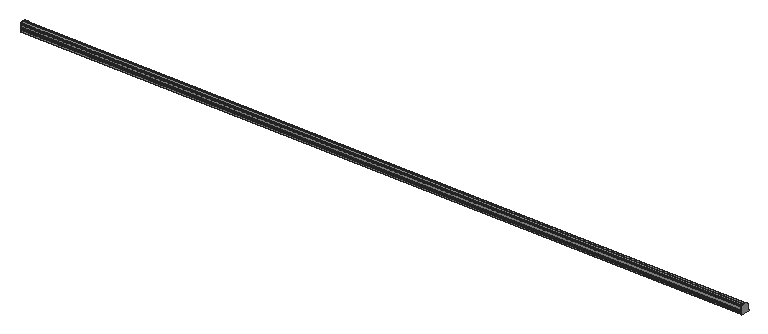
Revit family "3036880+3036946 Sylvania Lighting Fixture LUMISTRIP IP20 5M WW with L PROFILE ALU OPAL 2M", category Lighting Fixtures, host Face, Revit 2017
Family settings
  Host = Face
  Round Connector Dimension = Use Diameter
  Part Type = Normal
  OmniClass Number = 23.80.70.00
  OmniClass Title = Lighting
  Cut with Voids When Loaded = No
  Light Source = Yes
  Shared = No
  Room Calculation Point = No
Parameters (values of type "3036880+3036946 LUMISTRIP IP20 5M WW with L PROFILE ALU OPAL 2M")
  Weight = ""
  Wattage Comments = ""
  Wattage = 0 W
  WarrantyStartDate [instance] = "n/a"
  WarrantyGuarantorParts = "n/a"
  WarrantyDurationUnit = "n/a"
  WarrantyDurationParts = "n/a"
  WarrantyDescription = "n/a"
  built-in parameter 1150110 = 1 (stored number, unit not read)
  Voltage = 24 V
  URL = "http://www.sylvania-lighting.com"
  TypeName = "LUMISTRIP IP20 5M WW with L PROFILE ALU OPAL 2M"
  Type Image = <None>
  Type Comments = "n/a"
  built-in parameter 1114217 = 1 (stored number, unit not read)
  Tilt Angle = -90.00°
  built-in parameter 1150109 = 1 (stored number, unit not read)
  built-in parameter 1150134 = (empty or 0)
  built-in parameter 1150113 = 1 (stored number, unit not read)
  SerialNumber [instance] = "n/a"
  RadiusDiffuserOut_SYL = 12.999 mm
  RadiusDiffuserIn_SYL = 11.999 mm
  Photometric Web File = "3036880.ies"
  Material_3_FEILO = none
  PowerFactor = 0
  PowerConsumption = ""
  NominalLength = 5000 mm
  NominalHeight = 3 mm
  NominalDepth = 8 mm
  Name = "LUMISTRIP IP20 5M WW with L PROFILE ALU OPAL 2M"
  ModelReference = Name  # "LUMISTRIP IP20 5M WW with L PROFILE ALU OPAL 2M"
  ModelNumber = "3036880+3036946"
  Model = Name  # "LUMISTRIP IP20 5M WW with L PROFILE ALU OPAL 2M"
  Material = "n/a"
  ManufacturerName = "Feilo Sylvania"
  Manufacturer = "Feilo Sylvania"
  LuminousEfficacy = "70.62 lm/W"
  built-in parameter 1150105 = (empty or 0)
  Lumens = 0 lm
  LuminaireType = ""
  built-in parameter 1150115 = 1 (stored number, unit not read)
  LightOutputRatio = "100"
  built-in parameter 1150137 = (empty or 0)
  built-in parameter 1150139 = (empty or 0)
  Length_SYL = 2000 mm
  LampsType = Lamp  # "LED"
  LampNominalLuminous = ""
  LampMacAdamStep = "n/a"
  LampColourTemperature = "3000 K"
  LampColourRenderingIndex = "80"
  built-in parameter 1150112 = 1 (stored number, unit not read)
  built-in parameter 1150114 = 1 (stored number, unit not read)
  Lamp = "LED"
  Keynote = "16500"
  InstallationDate [instance] = "n/a"
  InputVoltage = "24V DC"
  InputNominalFrequency = "n/a"
  built-in parameter 1150132 = (empty or 0)
  built-in parameter 1150102 = (empty or 0)
  built-in parameter 1150107 = 3000 (stored number, unit not read)
  built-in parameter 1150138 = (empty or 0)
  IngressProtection = "IP20"
  ImpactProtectionIndex = "n/a"
  built-in parameter 1150106 = (empty or 0)
  IfcExportType = "IfcLightFixtureType"
  IfcExportAs = "IfcLightFixtureType"
  ExpectedLife = 50000
  EndCapRight_SYL [instance] = yes
  EndCapLeft_SYL [instance] = yes
  built-in parameter 1150127 = 10 mm
  Emit from Rectangle Length = Length_SYL - 4 mm  # 1996 mm
  Emit Shape Visible in Rendering = no
  ElectricShockClassification = "Class III"
  built-in parameter 1150104 = 6.5608 (stored number, unit not read)
  DurationUnit = "hours"
  DocumentationLiterature = "http://www.sylvania-lighting.com/product/en-int/products/3036880"
  DimmingControlOptions = "n/a"
  Material_2_FEILO = Diffuser-Sylvania-LumistipLprofile-Polycarbonate
  Dimming Lamp Color Temperature Shift = <None>
  Description = ""
  Default Elevation = 1219.2 mm
  CreatedOn = "6/22/2018"
  CreatedBy = ""
  Cost = 0
  Color Filter = 16777215
  built-in parameter 1114216 [instance] = (empty or 0)
  ClassificationValue = "EF_70_80"
  ClassificationName = "Uniclass2015"
  Material_1_FEILO = Body-Sylvania-LumistripLprofile-Aluminum
  BarCode [instance] = "n/a"
  built-in parameter 1114218 = 1 (stored number, unit not read)
  Emit from Rectangle Width = 3048 mm
  AssetType = "Fixed"
  AssetIdentifier [instance] = "n/a"
  Assembly Code = "D5020200"
  Apparent Load = 24 VA
  Material_4_FEILO = none
Reference planes
  plane 1 "Center (Front/Back)": y = 0
  plane 2: z = 0
  plane 3 "Center (Left/Right)": x = 0
  plane 4: y = 22.4
  plane 5: z = 22.4
  plane 6: z = 20.4
  plane 7: z = 17.9
  plane 8: z = 10.9
  plane 9: z = 9.4
  plane 10: z = 7.9
  plane 11: z = 6.4
  plane 12: z = 4.9
  plane 13: z = 3.4
  plane 14: y = 2
  plane 15: z = 2
  plane 16: y = 7.9
  plane 17: y = 4.8
  plane 18: y = 3.3
  plane 19: y = 6.3
  plane 20: y = 9.4
  plane 21: y = 10.9
  plane 22: y = 20.4
  plane 23: y = 17.9
  plane 24: x = 1000
  plane 25: x = -1000
  plane 26: x = -998.5
  plane 27: x = 998.5
Forms (mm)
  Extrusion 1, solid, material "Body-Sylvania-LumistripLprofile-Aluminum" <- "Material_1_FEILO"
    sketch origin (0, 0, 0) x (0, 1, 0) y (0, 0, 1)
      loop
        line (0, 22.399) -> (0, 20.4) -> (4.8, 20.4) -> (4.8, 17.9) -> (0, 17.9) -> (0, 10.9) -> (2, 10.9) -> (2, 9.4) -> (0, 9.4) -> (0, 7.9) -> (2, 7.9) -> (2, 6.4) -> (0, 6.4) -> (0, 4.9) -> (2, 4.9) -> (2, 3.4) -> (0, 3.4) -> (0, 0) -> (3.3, 0) -> (3.3, 2) -> (4.8, 2) -> (4.8, 0) -> (6.3, 0) -> (6.3, 2) -> (7.9, 2) -> (7.9, 0) -> (9.4, 0) -> (9.4, 2) -> (10.9, 2) -> (10.9, 0) -> (17.9, 0) -> (17.9, 4.9) -> (20.4, 4.9) -> (20.4, 0) -> (22.399, 0) -> (22.399, 9.4) -> (19.77, 9.4) -> (12.92, 2.55) -> (2.567, 12.903) -> (9.4, 19.736) -> (9.4, 22.399) -> (0, 22.399)
    from -998.5 to 998.5
  Extrusion 2, solid, material "Diffuser-Sylvania-LumistipLprofile-Polycarbonate" <- "Material_2_FEILO"
    sketch origin (0, 0, 0) x (0, 1, 0) y (0, 0, 1)
      loop
        line (9.4, 22.399) -> (9.4, 21.399)
        arc (9.4, 21.399) -> (17.884, 17.884) -> (21.399, 9.4) r 11.999
        line (21.399, 9.4) -> (22.399, 9.4)
        arc (22.399, 9.4) -> (18.591, 18.591) -> (9.4, 22.399) r 12.999
    from -998.5 to 998.5
  Extrusion 3, solid, material "Body-Sylvania-LumistripLprofile-Aluminum" <- "Material_1_FEILO", visible <- "EndCapLeft_SYL"
    sketch origin (200, -4572, 2609.058) x (0, 0, 1) y (0, -1, 0)
      loop
        line (-2609.058, -4572) -> (-2609.058, -4594.4) -> (-2599.658, -4594.399)
        arc (-2599.658, -4594.399) -> (-2590.467, -4590.591) -> (-2586.658, -4581.4) r 12.999
        line (-2586.658, -4581.4) -> (-2586.658, -4572) -> (-2609.058, -4572)
    from 800 to 798.5
  Extrusion 4, solid, material "Body-Sylvania-LumistripLprofile-Aluminum" <- "Material_1_FEILO", visible <- "EndCapRight_SYL"
    sketch origin (-1000, -4572, 2609.058) x (0, 0, 1) y (0, -1, 0)
      loop
        line (-2586.659, -4581.402) -> (-2586.658, -4572) -> (-2609.058, -4572) -> (-2609.058, -4594.399) -> (-2599.658, -4594.399)
        arc (-2599.658, -4594.399) -> (-2590.467, -4590.592) -> (-2586.659, -4581.402) r 12.999
    from 0 to 1.5
Lines and regions (mm)
  reference lines
    curve 1: line (0, 0, 0) -> (0, 22.4, 22.4)
    curve 2: line (0, 0, 15.469) -> (0, 15.469, 0)
    curve 3: line (0, 12.92, 2.55) -> (0, 22.4, 12.03)
    curve 4: line (0, 2.567, 12.903) -> (0, 12.064, 22.4)
    curve 5: arc (0, 9.4, 22.399) -> (0, 18.591, 18.591) -> (0, 22.399, 9.4) r 12.999
    curve 6: arc (0, 21.399, 9.4) -> (0, 17.884, 17.884) -> (0, 9.4, 21.399) r 11.999
    curve 7: line (1000, 13.907, 23.341) -> (1000, 24.285, 12.963)
Dimensions and locks
  locked: plane 5 to plane 2 at 22.4
  locked: plane 1 "Center (Front/Back)" to plane 4 at 22.4
  locked: plane 6 to plane 5 at 2
  locked: plane 7 to plane 6 at 2.5
  locked: plane 8 to plane 7 at 7
  locked: plane 22 to plane 4 at 2
  locked: plane 23 to plane 22 at 2.5
  locked: plane 21 to plane 23 at 7
  locked: plane 9 to plane 8 at 1.5
  locked: plane 20 to plane 21 at 1.5
  locked: plane 10 to plane 9 at 1.5
  locked: plane 11 to plane 10 at 1.5
  locked: plane 12 to plane 11 at 1.5
  locked: plane 13 to plane 12 at 1.5
  locked: plane 16 to plane 20 at 1.5
  plane 19 to plane 16 = 1.6 mm
  locked: plane 17 to plane 19 at 1.5
  locked: plane 18 to plane 17 at 1.5
  locked: plane 1 "Center (Front/Back)" to plane 14 at 2
  locked: plane 15 to plane 2 at 2
  equal spacing: plane 24, plane 3 "Center (Left/Right)", plane 25
  "Length_SYL": plane 24 to plane 25
  equal spacing: plane 27, plane 3 "Center (Left/Right)", plane 26
  locked: plane 26 to plane 25 at 1.5
  locked: curve 7 to Extrusion 1 at 15.4
  "RadiusDiffuserIn_SYL": radius of curve 6
  "RadiusDiffuserOut_SYL": radius of curve 5
  locked: curve 1 to curve 2 (angle 90.00°)
  locked: curve 4 to curve 2 (angle 90.00°)
  locked: curve 2 to curve 3 (angle 90.00°)
  locked: curve 7 to curve 1 (angle 90.00°)
  aligned and locked: plane 2 to host face
  aligned and locked: level to host face
  aligned and locked: plane 6 to Extrusion 1 sketch curve
  aligned and locked: plane 7 to Extrusion 1 sketch curve
  aligned and locked: plane 17 to Extrusion 1 sketch curve  (x2)
  aligned and locked: plane 1 "Center (Front/Back)" to Extrusion 1 sketch curve  (x4)
  aligned and locked: plane 14 to Extrusion 1 sketch curve  (x3)
  aligned and locked: plane 8 to Extrusion 1 sketch curve
  aligned and locked: plane 9 to Extrusion 1 sketch curve
  aligned and locked: plane 10 to Extrusion 1 sketch curve
  aligned and locked: Extrusion 1 sketch curve to plane 11
  aligned and locked: plane 12 to Extrusion 1 sketch curve  (x2)
  aligned and locked: Extrusion 1 sketch curve to plane 13
  aligned and locked: Extrusion 1 sketch curve to host face
  aligned and locked: Extrusion 1 sketch curve to plane 18
  aligned and locked: Extrusion 1 sketch curve to plane 19
  aligned and locked: plane 15 to Extrusion 1 sketch curve  (x3)
  aligned and locked: plane 16 to Extrusion 1 sketch curve
  aligned and locked: Extrusion 1 sketch curve to level  (x2)
  aligned and locked: Extrusion 1 sketch curve to plane 20  (x2)
  aligned and locked: plane 21 to Extrusion 1 sketch curve
  aligned and locked: Extrusion 1 sketch curve to plane 23
  aligned and locked: plane 22 to Extrusion 1 sketch curve
  aligned and locked: plane 4 to curve 1
  aligned and locked: plane 5 to curve 1
  aligned and locked: plane 1 "Center (Front/Back)" to Extrusion 1
  aligned and locked: plane 2 to curve 1
  aligned and locked: plane 1 "Center (Front/Back)" to curve 2
  aligned and locked: plane 2 to curve 2
  aligned and locked: plane 5 to curve 4
  aligned and locked: plane 4 to curve 3
  aligned and locked: plane 20 to Extrusion 1 sketch curve
  aligned and locked: Extrusion 1 sketch curve to plane 9
  aligned and locked: Extrusion 1 sketch curve to curve 3
  aligned and locked: Extrusion 1 sketch curve to curve 2
  aligned and locked: Extrusion 1 sketch curve to curve 4
  aligned and locked: curve 5 to Extrusion 1
  aligned and locked: Extrusion 1 to curve 5
  aligned and locked: plane 20 to curve 5
  aligned and locked: plane 9 to curve 5
  aligned and locked: plane 20 to curve 6
  aligned and locked: plane 9 to curve 6
  aligned and locked: Extrusion 2 sketch curve to curve 5
  aligned and locked: Extrusion 2 sketch curve to curve 6
  aligned and locked: Extrusion 2 sketch curve to Extrusion 1  (x2)
  aligned and locked: Extrusion 1 to plane 26
  aligned and locked: Extrusion 2 to Extrusion 1
  aligned and locked: Extrusion 3 sketch curve to Extrusion 1  (x2)
  aligned and locked: plane 4 to Extrusion 3 sketch curve
  aligned and locked: plane 5 to Extrusion 3 sketch curve
  aligned and locked: plane 20 to Extrusion 3 sketch curve
  aligned and locked: plane 9 to Extrusion 3 sketch curve
  aligned and locked: Extrusion 3 sketch curve to Extrusion 2
  aligned and locked: plane 24 to Extrusion 3
  aligned and locked: Extrusion 4 sketch curve to Extrusion 3  (x3)
  aligned and locked: Extrusion 4 sketch curve to plane 5
  aligned and locked: Extrusion 4 to Extrusion 1
  aligned and locked: Extrusion 4 to plane 25
  aligned and locked: imposter light to curve 7
  aligned and locked: plane 3 "Center (Left/Right)" to imposter light
  aligned and locked: imposter light to curve 1
  aligned and locked: Extrusion 3 to Extrusion 2
  aligned and locked: Extrusion 1 to Extrusion 2
  aligned and locked: Extrusion 3 to plane 27
Automatic sketch dimensions
  host sketch curve to host sketch curve = 2438.4 mm  (x2)
  Extrusion 1 sketch curve to plane 1 "Center (Front/Back)" = 0 mm
  Extrusion 1 sketch curve to level = 0 mm  (x2)
  plane 4 to Extrusion 1 sketch curve = 0.001 mm
  plane 5 to Extrusion 1 sketch curve = 0.001 mm
  curve 7 to plane 8 = 2.063 mm
  curve 7 to plane 4 = 1.885 mm
Connectors
  electrical at (0, 0, 0), driven by "Apparent Load", driven by "PowerFactor", driven by "Voltage"
    settings: index 1, voltage 24 V, apparent load 24 VA, apparent load phase1 0 VA, apparent load phase2 0 VA, apparent load phase3 0 VA, power factor 0, load classification "Lighting", number of poles 1, system type 30, power factor state 1, is connector primary yes, connector utility no, sub classification motor no, connector description ""
